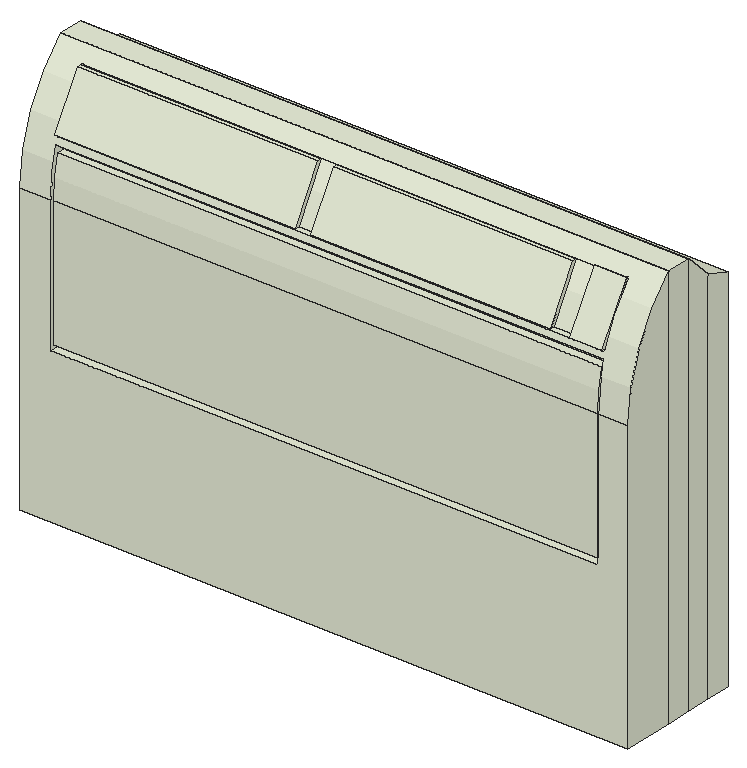
Revit family "AF-CF 36-45-56-71", category HLS-Bauteile, Revit 2017
Family settings
  Bemaßung runder Anschluss = Durchmesser verwenden
  Teiletyp = Normal
  OmniClass-Nummer = 23.75.00.00
  OmniClass-Titel = Climate Control (HVAC)
  Arbeitsebenenbasiert = Nein
  Immer vertikal = Ja
  Beim Laden mit Abzugskörper schneiden = Nein
  Gemeinsam genutzt = Nein
  Raumberechnungspunkt = Nein
Parameters (values of type "AF-CF 36")
  Width = 990.000 mm
  URL = ""
  Series = "VRF"
  Power supply = "220-240V ~50/60Hz"
  Panel color = "S1004"
  Net Weight = 25.00 kg
  Modell = "AF-CF 36"
  Minimum Circuit Amps = 0.32 A
  Min cable selection (power wiring) = "3×1.0 mm2"
  Maximum Fuse Amps = 15 A
  Hersteller = "Bosch"
  Machine material = Galvanized Steel
  Liquid pipe = 6.350 mm
  Installation = "Indoor installation"
  Height = 203.000 mm
  Heating Power Input = 23 W
  Heating Capacity = 4 kW
  Gas pipe = 12.700 mm
  Gas = "R410A"
  Drain pipe = 25.000 mm
  Beschreibung = "High efficiency air cooled"
  Depth = 660.000 mm
  Cooling Power Input = 23 W
  Cooling Capacity = 3.6 kW
  Condensation = "Air"
  Air Flow max = 550.00 m³/h
Types (4, lengths in mm): name | Power supply | Net Weight | Modell | Minimum Circuit Amps | Heating Power Input | Heating Capacity | Cooling Power Input | Cooling Capacity | Air Flow max
  AF-CF 71 | "220-240V ~60Hz" | 27.00 kg | "AF-CF 71" | 0.89 A | 94 W | 8 kW | 94 W | 7.1 kW | 930.00 m³/h
  AF-CF 56 | "220-240V ~60Hz" | 27.00 kg | "AF-CF 56" | 0.89 A | 94 W | 6.3 kW | 94 W | 5.6 kW | 930.00 m³/h
  AF-CF 45 | "220-240V ~60Hz" | 27.00 kg | "AF-CF 45" | 0.89 A | 94 W | 5 kW | 94 W | 4.5 kW | 750.00 m³/h
  AF-CF 36 | "220-240V ~50/60Hz" | 25.00 kg | "AF-CF 36" | 0.32 A | 23 W | 4 kW | 23 W | 3.6 kW | 550.00 m³/h
Reference planes
  plane 1 "中心(前/后)": y = 0
  plane 2: z = 0
  plane 3 "中心(左/右)": x = 0
  plane 4: z = 575.645
  plane 5: z = 280
  plane 6: x = -495
Forms (mm)
  Extrusion 1, solid, material "Galvanized Steel" <- "Machine material", detail levels medium+fine
    sketch origin (0, 0, 0) x (0, 1, 0) y (0, 0, 1)
      loop
        line (-80, 690) -> (-120, 690) -> (-120, 30) -> (-80, 30) -> (-80, 690)
    from 495 to -495
  Extrusion 2, solid, material "Galvanized Steel" <- "Machine material", detail levels medium+fine
    sketch origin (0, 0, 0) x (0, 1, 0) y (0, 0, 1)
      loop
        line (-80, 690) -> (-80, 30) -> (-40, 30) -> (-40, 650) -> (-80, 690)
    from 495 to -495
  Extrusion 3, solid, material "Galvanized Steel" <- "Machine material", detail levels medium+fine
    sketch origin (0, 0, 0) x (0, 1, 0) y (0, 0, 1)
      loop
        line (0, 626.906) -> (0, 635.441) -> (-40, 650) -> (-40, 30) -> (0, 30) -> (0, 626.906)
    from 495 to -495
  Extrusion 4, solid, material "Galvanized Steel" <- "Machine material", detail levels medium+fine
    sketch origin (0, 0, 0) x (0, 1, 0) y (0, 0, 1)
      loop
        line (-120, 30) -> (-120, 690)
        arc (-120, 690) -> (-181.345, 603.669) -> (-203, 500) r 258.97
        line (-203, 500) -> (-203, 30) -> (-120, 30)
    from 495 to -495
  Extrusion 5, void
    sketch origin (0, 0, 0) x (0, 1, 0) y (0, 0, 1)
      loop
        line (-188.653, 585) -> (-178.041, 585)
        arc (-178.041, 585) -> (-156.282, 630.135) -> (-125.926, 670) r 248.97
        line (-125.926, 670) -> (-139.39, 670)
        arc (-139.39, 670) -> (-168.089, 629.857) -> (-188.653, 585) r 258.97
    from 446.258 to -445
  Extrusion 6, solid, material "Galvanized Steel" <- "Machine material", detail levels fine
    sketch origin (0, 0, 0) x (0, 1, 0) y (0, 0, 1)
      loop
        line (-148.104, 670) -> (-193.89, 591) -> (-188.048, 591) -> (-142.262, 670) -> (-148.104, 670)
    from 361.496 to -28.055
  Extrusion 7, void
    sketch origin (0, 0, 0) x (1, 0, 0) y (0, 1, 0)
      loop
        line (-460.5, -30) -> (-460.5, -130) -> (-360.5, -130) -> (-360.5, -30) -> (-460.5, -30)
    from 45 to 30
  Extrusion 8, void
    sketch origin (0, 0, 0) x (0, 1, 0) y (0, 0, 1)
      loop
        line (-15, 45) -> (-15, 415.429) -> (-188, 415.429) -> (-188, 45) -> (-15, 45)
    from 477.847 to -480
  Extrusion 9, solid, detail levels medium+fine
    sketch origin (0, 0, 0) x (1, 0, 0) y (0, 1, 0)
      loop
        circle (-455, -63.5) r 3.175
    from 415.429 to 128
  Extrusion 10, solid, detail levels medium+fine
    sketch origin (0, 0, 0) x (1, 0, 0) y (0, 1, 0)
      loop
        circle (-440.5, -96.5) r 6.35
    from 415.429 to 163.5
  Extrusion 11, void
    sketch origin (0, 0, 55) x (1, 0, 0) y (0, 0, 1)
      loop
        line (-360.5, 115) -> (-460.5, 115) -> (-460.5, 15) -> (-360.5, 15) -> (-360.5, 115)
    from 15 to 0
  Extrusion 12, solid, detail levels medium+fine
    sketch origin (0, 0, 0) x (1, 0, 0) y (0, 1, 0)
      loop
        circle (-393.436, -63.5) r 12.5
    from 415.429 to 163.5
  Extrusion 13, void
    sketch origin (0, 0, 0) x (0, 1, 0) y (0, 0, 1)
      loop
        arc (-191.706, 575.645) -> (-200.161, 538.242) -> (-203, 500) r 258.97
        line (-203, 500) -> (-203, 280) -> (-188, 280) -> (-188, 415.429) -> (-179.603, 575.645) -> (-191.706, 575.645)
    from 446.258 to -445
  Extrusion 14, solid, material "Galvanized Steel" <- "Machine material", detail levels medium+fine
    sketch origin (0, 0, 0) x (0, 1, 0) y (0, 0, 1)
      loop
        line (-188, 415.429) -> (-180.127, 565.659) -> (-194.538, 565.659)
        arc (-194.538, 565.659) -> (-200.876, 533.101) -> (-203, 500) r 258.97
        line (-203, 500) -> (-203, 290) -> (-188, 290) -> (-188, 415.429)
    from 446.258 to -440
  Extrusion 15, solid, material "Galvanized Steel" <- "Machine material", detail levels fine
    sketch origin (-305.688, 0, 0) x (0, 1, 0) y (0, 0, 1)
      loop
        line (-139.39, 670) -> (-188.653, 585) -> (-183.347, 585) -> (-134.084, 670) -> (-139.39, 670)
    from 747.269 to 695.02
  Extrusion 16, solid, material "Galvanized Steel" <- "Machine material", detail levels fine
    sketch origin (-26.887, 0, 0) x (0, 1, 0) y (0, 0, -1)
      loop
        line (-148.104, -670) -> (-142.262, -670) -> (-188.048, -591) -> (-193.89, -591) -> (-148.104, -670)
    from 418.113 to 26.217
Cuts and joins
  Extrusion 5, Extrusion 7, Extrusion 8, Extrusion 11, Extrusion 13 cuts Extrusion 4
  Extrusion 7, Extrusion 8 cuts Extrusion 1
  Extrusion 7, Extrusion 8 cuts Extrusion 2
  Extrusion 7, Extrusion 8, Extrusion 11 cuts Extrusion 3
  Extrusion 11 cuts Extrusion 9
Lines and regions (mm)
  model lines, detail levels fine
    curve 1: line (-495, -163, 70) -> (-495, -163, 270)
    curve 15: line (-495, -163, 270) -> (-495, -203, 270)
    curve 16: line (-495, -163, 260) -> (-495, -203, 260)
    curve 17: line (-495, -163, 250) -> (-495, -203, 250)
    curve 18: line (-495, -163, 240) -> (-495, -203, 240)
    curve 19: line (-495, -163, 230.215) -> (-495, -203, 230.215)
    curve 20: line (-495, -163, 220) -> (-495, -203, 220)
    curve 21: line (-495, -163, 210) -> (-495, -203, 210)
    curve 22: line (-495, -163, 200) -> (-495, -203, 200)
    curve 23: line (-495, -163, 190) -> (-495, -203, 190)
    curve 24: line (-495, -163, 180) -> (-495, -203, 180)
    curve 25: line (-495, -163, 170) -> (-495, -203, 170)
    curve 26: line (-495, -163, 160) -> (-495, -203, 160)
    curve 27: line (-495, -163, 150) -> (-495, -203, 150)
    curve 28: line (-495, -163, 140) -> (-495, -203, 140)
    curve 29: line (-495, -163, 130) -> (-495, -203, 130)
    curve 30: line (-495, -163, 120) -> (-495, -203, 120)
    curve 31: line (-495, -163, 110) -> (-495, -203, 110)
    curve 32: line (-495, -163, 100) -> (-495, -203, 100)
    curve 33: line (-495, -163, 90) -> (-495, -203, 90)
    curve 34: line (-495, -163, 80) -> (-495, -203, 80)
    curve 35: line (-495, -163, 70) -> (-495, -203, 70)
    curve 36: line (-495, -163, 220) -> (-495, -203, 220)
    curve 37: line (-495, -163, 210) -> (-495, -203, 210)
    curve 38: line (-495, -163, 200) -> (-495, -203, 200)
    curve 39: line (-495, -203, 270) -> (495, -203, 270)
    curve 40: line (495, -203, 70) -> (-495, -203, 70)
    curve 41: line (-495, -203, 260) -> (495, -203, 260)
    curve 42: line (-495, -203, 250) -> (495, -203, 250)
    curve 43: line (-495, -203, 240) -> (495, -203, 240)
    curve 44: line (-495, -203, 230) -> (495, -203, 230)
    curve 45: line (-495, -203, 220) -> (495, -203, 220)
    curve 46: line (-495, -203, 210) -> (495, -203, 210)
    curve 47: line (-495, -203, 201.34) -> (495, -203, 201.34)
    curve 48: line (-495, -203, 191.34) -> (495, -203, 191.34)
    curve 49: line (-495, -203, 181.34) -> (495, -203, 181.34)
    curve 50: line (-495, -203, 171.34) -> (495, -203, 171.34)
    curve 51: line (-495, -203, 161.34) -> (495, -203, 161.34)
    curve 52: line (-495, -203, 151.34) -> (495, -203, 151.34)
    curve 53: line (-495, -203, 141.34) -> (495, -203, 141.34)
    curve 54: line (-495, -203, 131.34) -> (495, -203, 131.34)
    curve 55: line (-495, -203, 121.34) -> (495, -203, 121.34)
    curve 56: line (-495, -203, 111.34) -> (495, -203, 111.34)
    curve 57: line (-495, -203, 101.34) -> (495, -203, 101.34)
    curve 58: line (-495, -203, 91.34) -> (495, -203, 91.34)
    curve 59: line (-495, -203, 81.34) -> (495, -203, 81.34)
    curve 60: line (401.581, -174.728, 609.027) -> (401.581, -181.032, 598.15)
    curve 61: line (426.581, -174.728, 609.027) -> (401.581, -174.728, 609.027)
    curve 62: line (401.581, -181.032, 598.15) -> (426.581, -181.032, 598.15)
    curve 63: arc (426.581, -174.728, 609.027) -> (432.867, -177.88, 603.589) -> (426.581, -181.032, 598.15) r 6.286
    curve 71: line (495, -163, 70) -> (495, -163, 270)
    curve 72: line (495, -163, 270) -> (495, -203, 270)
    curve 73: line (495, -163, 260) -> (495, -203, 260)
    curve 74: line (495, -163, 250) -> (495, -203, 250)
    curve 75: line (495, -163, 240) -> (495, -203, 240)
    curve 76: line (495, -163, 230.215) -> (495, -203, 230.215)
    curve 77: line (495, -163, 190) -> (495, -203, 190)
    curve 78: line (495, -163, 180) -> (495, -203, 180)
    curve 79: line (495, -163, 170) -> (495, -203, 170)
    curve 80: line (495, -163, 160) -> (495, -203, 160)
    curve 81: line (495, -163, 150) -> (495, -203, 150)
    curve 82: line (495, -163, 140) -> (495, -203, 140)
    curve 83: line (495, -163, 130) -> (495, -203, 130)
    curve 84: line (495, -163, 120) -> (495, -203, 120)
    curve 85: line (495, -163, 110) -> (495, -203, 110)
    curve 86: line (495, -163, 100) -> (495, -203, 100)
    curve 87: line (495, -163, 90) -> (495, -203, 90)
    curve 88: line (495, -163, 80) -> (495, -203, 80)
    curve 89: line (495, -163, 70) -> (495, -203, 70)
    curve 90: line (495, -163, 220) -> (495, -203, 220)
    curve 91: line (495, -163, 210) -> (495, -203, 210)
    curve 92: line (495, -163, 200) -> (495, -203, 200)
    curve 93: circle (427.5, -144.575, 661.053) r 4 normal (0, 0.8652, -0.5014)
    curve 94: circle (427.5, -150.363, 651.067) r 4 normal (0, 0.8652, -0.5014)
    curve 95: circle (427.5, -156.491, 640.493) r 4 normal (0, 0.8652, -0.5014)
    curve 96: circle (427.5, -162.96, 629.332) r 4 normal (0, 0.8652, -0.5014)
    curve 97: circle (427.5, -168.604, 619.594) r 4 normal (0, 0.8652, -0.5014)
  model lines
    curve 2: line (-495, 0, 635.441) -> (-495, -40, 650)
    curve 3: line (-495, -40, 650) -> (-495, -80, 690)
    curve 5: line (-495, 0, 635.441) -> (-495, 0, 30)
    curve 6: line (-495, -203, 30) -> (-495, -203, 500)
    curve 7: arc (-495, -203, 500) -> (-495, -181.345, 603.669) -> (-495, -120, 690) r 258.97
    curve 8: line (-495, -120, 690) -> (495, -120, 690)
    curve 9: line (-495, -80, 690) -> (495, -80, 690)
    curve 10: line (-495, -40, 650) -> (495, -40, 650)
    curve 11: line (-495, -203, 30) -> (-495, 0, 30)
    curve 12: line (-495, -203, 30) -> (495, -203, 30)
    curve 13: line (495, 0, 30) -> (-495, 0, 30)
    curve 14: line (-495, -203, 30) -> (-495, 0, 30)
    curve 64: line (495, -203, 30) -> (495, -203, 500)
    curve 65: arc (495, -203, 500) -> (495, -181.345, 603.669) -> (495, -120, 690) r 258.97
    curve 66: line (495, 0, 635.441) -> (495, 0, 30)
    curve 67: line (495, 0, 635.441) -> (495, -40, 650)
    curve 68: line (495, -40, 650) -> (495, -80, 690)
    curve 70: line (495, -203, 30) -> (495, 0, 30)
    curve 98: line (495, 0, 626.906) -> (-495, 0, 626.906)
  model lines, detail levels coarse
    curve 4: line (-495, -80, 690) -> (-495, -120, 690)
    curve 69: line (495, -80, 690) -> (495, -120, 690)
Dimensions and locks
  cut or joined group of Extrusion 2, Extrusion 7, Extrusion 8 to Extrusion 12 = 133.500 mm
  cut or joined group of Extrusion 1, Extrusion 7, Extrusion 8 to cut or joined group of Extrusion 9, Extrusion 11 = 98.000 mm
  "Depth": cut or joined group of Extrusion 4, Extrusion 5, Extrusion 7, Extrusion 8, Extrusion 11, Extrusion 13 to cut or joined group of Extrusion 1, Extrusion 7, Extrusion 8
  "Height": cut or joined group of Extrusion 4, Extrusion 5, Extrusion 7, Extrusion 8, Extrusion 11, Extrusion 13 to cut or joined group of Extrusion 3, Extrusion 7, Extrusion 8, Extrusion 11
  "Width": cut or joined group of Extrusion 4, Extrusion 5, Extrusion 7, Extrusion 8, Extrusion 11, Extrusion 13 to cut or joined group of Extrusion 4, Extrusion 5, Extrusion 7, Extrusion 8, Extrusion 11, Extrusion 13
  "Gas pipe": diameter of Extrusion 10 sketch curve
  "Drain pipe": diameter of Extrusion 12 sketch curve
  "Liquid pipe": diameter of Extrusion 9 sketch curve
  aligned and locked: level to plane 2
Automatic sketch dimensions
  plane 1 "中心(前/后)" to Extrusion 1 sketch curve = 120.000 mm
  level to Extrusion 1 sketch curve = 30.000 mm
  Extrusion 1 sketch curve to Extrusion 1 sketch curve = 40.000 mm
  Extrusion 1 sketch curve to Extrusion 1 sketch curve = 660.000 mm
  plane 1 "中心(前/后)" to Extrusion 2 sketch curve = 80.000 mm
  level to Extrusion 2 sketch curve = 30.000 mm
  Extrusion 2 sketch curve to Extrusion 2 sketch curve = 40.000 mm  (x2)
  Extrusion 2 sketch curve to Extrusion 2 sketch curve = 620.000 mm
  Extrusion 3 sketch curve to plane 1 "中心(前/后)" = 0.000 mm
  level to Extrusion 3 sketch curve = 30.000 mm
  plane 1 "中心(前/后)" to Extrusion 3 sketch curve = 40.000 mm
  Extrusion 3 sketch curve to Extrusion 3 sketch curve = 596.906 mm
  Extrusion 3 sketch curve to Extrusion 3 sketch curve = 8.535 mm
  Extrusion 3 sketch curve to Extrusion 3 sketch curve = 14.559 mm
  plane 1 "中心(前/后)" to Extrusion 4 sketch curve = 203.000 mm
  level to Extrusion 4 sketch curve = 30.000 mm
  Extrusion 4 sketch curve to Extrusion 4 sketch curve = 83.000 mm
  Extrusion 4 sketch curve to plane 1 "中心(前/后)" = 55.970 mm
  Extrusion 4 sketch curve to Extrusion 4 sketch curve = 470.000 mm
  Extrusion 5 sketch curve to Extrusion 5 sketch curve = 0.000 mm  (x2)
  plane 1 "中心(前/后)" to Extrusion 5 sketch curve = 188.653 mm
  level to Extrusion 5 sketch curve = 585.000 mm
  Extrusion 5 sketch curve to Extrusion 5 sketch curve = 10.612 mm
  Extrusion 5 sketch curve to Extrusion 5 sketch curve = 38.651 mm
  Extrusion 5 sketch curve to Extrusion 5 sketch curve = 13.464 mm
  Extrusion 5 sketch curve to Extrusion 5 sketch curve = 85.000 mm
  plane 1 "中心(前/后)" to Extrusion 6 sketch curve = 193.890 mm
  level to Extrusion 6 sketch curve = 591.000 mm
  Extrusion 6 sketch curve to Extrusion 6 sketch curve = 5.843 mm  (x2)
  Extrusion 6 sketch curve to Extrusion 6 sketch curve = 39.943 mm
  Extrusion 6 sketch curve to Extrusion 6 sketch curve = 79.000 mm
  Extrusion 4 to curve 1 = 40.000 mm  (x2)
  curve 1 to curve 1 = 200.000 mm
  plane 6 to Extrusion 7 sketch curve = 34.500 mm
  plane 1 "中心(前/后)" to Extrusion 7 sketch curve = 130.000 mm
  Extrusion 7 sketch curve to Extrusion 7 sketch curve = 100.000 mm
  plane 1 "中心(前/后)" to Extrusion 7 sketch curve = 30.000 mm
  level to Extrusion 8 sketch curve = 45.000 mm
  plane 1 "中心(前/后)" to Extrusion 8 sketch curve = 188.000 mm
  plane 1 "中心(前/后)" to Extrusion 8 sketch curve = 15.000 mm
  level to Extrusion 8 sketch curve = 415.429 mm
  plane 6 to Extrusion 11 sketch curve = 34.500 mm
  level to Extrusion 11 sketch curve = 70.000 mm
  Extrusion 11 sketch curve to Extrusion 11 sketch curve = 100.000 mm  (x2)
  Extrusion 13 sketch curve to plane 5 = 0.000 mm
  Extrusion 13 sketch curve to plane 4 = 0.000 mm
  plane 1 "中心(前/后)" to Extrusion 13 sketch curve = 203.000 mm
  plane 5 to Extrusion 13 sketch curve = 135.429 mm
  Extrusion 13 sketch curve to Extrusion 13 sketch curve = 11.294 mm
  Extrusion 13 sketch curve to Extrusion 13 sketch curve = 15.000 mm
  Extrusion 13 sketch curve to Extrusion 13 sketch curve = 12.102 mm
  Extrusion 13 sketch curve to plane 1 "中心(前/后)" = 55.970 mm
  plane 1 "中心(前/后)" to Extrusion 14 sketch curve = 203.000 mm
  level to Extrusion 14 sketch curve = 290.000 mm
  Extrusion 14 sketch curve to Extrusion 14 sketch curve = 8.462 mm
  Extrusion 14 sketch curve to Extrusion 14 sketch curve = 15.000 mm
  Extrusion 14 sketch curve to Extrusion 14 sketch curve = 14.411 mm
  Extrusion 14 sketch curve to plane 1 "中心(前/后)" = 55.970 mm
  Extrusion 14 sketch curve to Extrusion 14 sketch curve = 125.429 mm
  Extrusion 14 sketch curve to Extrusion 14 sketch curve = 84.571 mm
  curve 2 to plane 1 "中心(前/后)" = 0.000 mm
  plane 1 "中心(前/后)" to curve 6 = 203.000 mm
  level to curve 6 = 500.000 mm
  plane 1 "中心(前/后)" to curve 2 = 40.000 mm
  curve 7 to curve 2 = 135.441 mm
  curve 2 to curve 3 = 14.559 mm
  curve 2 to curve 4 = 40.000 mm  (x2)
  level to curve 6 = 30.000 mm
  level to curve 5 = 30.000 mm
  curve 3 to curve 4 = 40.000 mm
  curve 8 to plane 6 = 0.000 mm
  level to curve 8 = 690.000 mm
  plane 3 "中心(左/右)" to curve 8 = 495.000 mm
  curve 9 to plane 6 = 0.000 mm
  level to curve 9 = 690.000 mm
  plane 3 "中心(左/右)" to curve 9 = 495.000 mm
  curve 10 to plane 6 = 0.000 mm
  level to curve 10 = 650.000 mm
  plane 3 "中心(左/右)" to curve 10 = 495.000 mm
  curve 11 to plane 1 "中心(前/后)" = 0.000 mm
  level to curve 11 = 30.000 mm
  curve 11 to curve 11 = 203.000 mm
  level to curve 35 = 70.000 mm
  curve 35 to curve 34 = 10.000 mm
  curve 34 to curve 33 = 10.000 mm
  curve 33 to curve 32 = 10.000 mm
  curve 32 to curve 31 = 10.000 mm
  curve 31 to curve 30 = 10.000 mm
  curve 30 to curve 29 = 10.000 mm
  curve 29 to curve 28 = 10.000 mm
  curve 28 to curve 27 = 10.000 mm
  curve 27 to curve 26 = 10.000 mm
  curve 26 to curve 25 = 10.000 mm
  curve 25 to curve 24 = 10.000 mm
  curve 24 to curve 23 = 10.000 mm
  curve 23 to curve 38 = 10.000 mm
  curve 22 to curve 38 = 0.000 mm  (x2)
  curve 22 to curve 21 = 10.000 mm
  curve 37 to curve 21 = 0.000 mm  (x2)
  curve 21 to curve 36 = 10.000 mm
  curve 20 to curve 36 = 0.000 mm  (x2)
  curve 20 to curve 19 = 10.215 mm
  curve 19 to curve 18 = 9.785 mm
  curve 18 to curve 17 = 10.000 mm
  curve 17 to curve 16 = 10.000 mm
  curve 16 to curve 15 = 10.000 mm
  plane 1 "中心(前/后)" to curve 15 = 163.000 mm
  curve 38 to curve 15 = 0.000 mm
  curve 16 to curve 15 = 0.000 mm
  curve 37 to curve 38 = 0.000 mm
  curve 17 to curve 16 = 0.000 mm
  curve 36 to curve 37 = 0.000 mm
  curve 18 to curve 17 = 0.000 mm
  curve 35 to curve 38 = 0.000 mm
  curve 19 to curve 18 = 0.000 mm
  curve 34 to curve 35 = 0.000 mm
  curve 33 to curve 34 = 0.000 mm
  curve 21 to curve 37 = 0.000 mm
  curve 32 to curve 33 = 0.000 mm
  curve 31 to curve 32 = 0.000 mm
  curve 23 to curve 22 = 0.000 mm
  curve 30 to curve 31 = 0.000 mm
  curve 24 to curve 23 = 0.000 mm
  curve 29 to curve 30 = 0.000 mm
  curve 25 to curve 24 = 0.000 mm
  curve 28 to curve 29 = 0.000 mm
  curve 26 to curve 25 = 0.000 mm
  curve 27 to curve 28 = 0.000 mm
  curve 26 to curve 26 = 40.000 mm
  curve 27 to curve 26 = 0.000 mm
  curve 25 to curve 26 = 0.000 mm
  curve 28 to curve 27 = 0.000 mm
  curve 24 to curve 25 = 0.000 mm
  curve 29 to curve 28 = 0.000 mm
  curve 23 to curve 24 = 0.000 mm
  curve 30 to curve 29 = 0.000 mm
  curve 22 to curve 23 = 0.000 mm
  curve 31 to curve 30 = 0.000 mm
  curve 21 to curve 22 = 0.000 mm
  curve 32 to curve 31 = 0.000 mm
  curve 20 to curve 21 = 0.000 mm
  curve 33 to curve 32 = 0.000 mm
  curve 19 to curve 20 = 0.000 mm
  curve 34 to curve 33 = 0.000 mm
  curve 18 to curve 19 = 0.000 mm
  curve 35 to curve 34 = 0.000 mm
  curve 17 to curve 18 = 0.000 mm
  curve 36 to curve 20 = 0.000 mm
  curve 16 to curve 17 = 0.000 mm
  curve 15 to curve 16 = 0.000 mm
  curve 38 to curve 22 = 0.000 mm
  plane 6 to curve 40 = 0.000 mm
  plane 6 to curve 59 = 0.000 mm
  plane 6 to curve 58 = 0.000 mm
  plane 6 to curve 57 = 0.000 mm
  plane 6 to curve 56 = 0.000 mm
  plane 6 to curve 55 = 0.000 mm
  plane 6 to curve 54 = 0.000 mm
  plane 6 to curve 53 = 0.000 mm
  plane 6 to curve 52 = 0.000 mm
  plane 6 to curve 51 = 0.000 mm
  plane 6 to curve 50 = 0.000 mm
  plane 6 to curve 49 = 0.000 mm
  plane 6 to curve 48 = 0.000 mm
  plane 6 to curve 47 = 0.000 mm
  plane 6 to curve 46 = 0.000 mm
  plane 6 to curve 45 = 0.000 mm
  plane 6 to curve 44 = 0.000 mm
  plane 6 to curve 43 = 0.000 mm
  plane 6 to curve 42 = 0.000 mm
  plane 6 to curve 41 = 0.000 mm
  plane 6 to curve 39 = 0.000 mm
  level to curve 40 = 70.000 mm
  curve 40 to curve 59 = 11.340 mm
  curve 59 to curve 58 = 10.000 mm
  curve 58 to curve 57 = 10.000 mm
  curve 57 to curve 56 = 10.000 mm
  curve 56 to curve 55 = 10.000 mm
  curve 55 to curve 54 = 10.000 mm
  curve 54 to curve 53 = 10.000 mm
  curve 53 to curve 52 = 10.000 mm
  curve 52 to curve 51 = 10.000 mm
  curve 51 to curve 50 = 10.000 mm
  curve 50 to curve 49 = 10.000 mm
  curve 49 to curve 48 = 10.000 mm
  curve 48 to curve 47 = 10.000 mm
  curve 47 to curve 46 = 8.660 mm
  curve 46 to curve 45 = 10.000 mm
  curve 45 to curve 44 = 10.000 mm
  curve 44 to curve 43 = 10.000 mm
  curve 43 to curve 42 = 10.000 mm
  curve 42 to curve 41 = 10.000 mm
  curve 41 to curve 39 = 10.000 mm
  plane 3 "中心(左/右)" to curve 49 = 495.000 mm
  curve 49 to curve 47 = 0.000 mm
  curve 50 to curve 49 = 0.000 mm
  curve 47 to curve 46 = 0.000 mm
  curve 51 to curve 50 = 0.000 mm
  curve 46 to curve 45 = 0.000 mm
  curve 52 to curve 51 = 0.000 mm
  curve 45 to curve 44 = 0.000 mm
  curve 53 to curve 52 = 0.000 mm
  curve 44 to curve 43 = 0.000 mm
  curve 54 to curve 53 = 0.000 mm
  curve 43 to curve 42 = 0.000 mm
  curve 55 to curve 54 = 0.000 mm
  curve 42 to curve 41 = 0.000 mm
  curve 56 to curve 55 = 0.000 mm
  curve 40 to curve 56 = 0.000 mm
  curve 57 to curve 56 = 0.000 mm
  curve 41 to curve 39 = 0.000 mm
  curve 58 to curve 57 = 0.000 mm
  curve 48 to curve 47 = 0.000 mm
  curve 59 to curve 58 = 0.000 mm
  plane 1 "中心(前/后)" to Extrusion 15 sketch curve = 188.653 mm
  level to Extrusion 15 sketch curve = 585.000 mm
  Extrusion 15 sketch curve to Extrusion 15 sketch curve = 5.306 mm  (x2)
  Extrusion 15 sketch curve to Extrusion 15 sketch curve = 43.957 mm
  Extrusion 15 sketch curve to Extrusion 15 sketch curve = 85.000 mm
  curve 66 to plane 1 "中心(前/后)" = 0.000 mm
  plane 1 "中心(前/后)" to curve 69 = 120.000 mm
  level to curve 69 = 690.000 mm
  level to curve 89 = 70.000 mm
  plane 1 "中心(前/后)" to curve 89 = 163.000 mm
  plane 1 "中心(前/后)" to curve 64 = 203.000 mm
  curve 69 to curve 68 = 40.000 mm
  plane 1 "中心(前/后)" to curve 67 = 40.000 mm
  curve 65 to plane 1 "中心(前/后)" = 55.970 mm
  curve 68 to curve 68 = 40.000 mm
  curve 67 to curve 66 = 14.559 mm
  curve 71 to curve 71 = 200.000 mm
  curve 72 to curve 73 = 10.000 mm
  curve 73 to curve 74 = 10.000 mm
  curve 74 to curve 75 = 10.000 mm
  curve 75 to curve 76 = 9.785 mm
  curve 76 to curve 90 = 10.215 mm
  curve 90 to curve 91 = 10.000 mm
  curve 91 to curve 92 = 10.000 mm
  curve 92 to curve 77 = 10.000 mm
  curve 77 to curve 78 = 10.000 mm
  curve 78 to curve 79 = 10.000 mm
  curve 79 to curve 80 = 10.000 mm
  curve 80 to curve 81 = 10.000 mm
  curve 81 to curve 82 = 10.000 mm
  curve 82 to curve 83 = 10.000 mm
  curve 83 to curve 84 = 10.000 mm
  curve 84 to curve 85 = 10.000 mm
  curve 85 to curve 86 = 10.000 mm
  curve 86 to curve 87 = 10.000 mm
  curve 88 to curve 89 = 10.000 mm
  level to curve 64 = 30.000 mm
  level to curve 66 = 30.000 mm
  plane 1 "中心(前/后)" to Extrusion 16 sketch curve = 193.890 mm
  plane 1 "中心(前/后)" to Extrusion 16 sketch curve = 148.104 mm
  level to Extrusion 16 sketch curve = 670.000 mm
  Extrusion 16 sketch curve to Extrusion 16 sketch curve = 5.843 mm  (x2)
  Extrusion 16 sketch curve to Extrusion 16 sketch curve = 79.000 mm
  plane 3 "中心(左/右)" to curve 61 = 426.581 mm
  plane 3 "中心(左/右)" to curve 61 = 401.581 mm
  curve 60 to curve 62 = 12.571 mm
  curve 93 to curve 60 = 60.133 mm
  curve 93 to curve 94 = 11.542 mm
  curve 94 to curve 95 = 12.221 mm
  curve 95 to curve 96 = 12.900 mm
  curve 96 to curve 97 = 11.255 mm
  curve 95 to curve 97 = 0.000 mm
  curve 94 to curve 95 = 0.000 mm
  curve 93 to curve 94 = 0.000 mm
  curve 96 to curve 97 = 0.000 mm
  curve 60 to curve 95 = 25.919 mm
  plane 1 "中心(前/后)" to curve 13 = 0.000 mm
  curve 14 to plane 6 = 0.000 mm
  plane 1 "中心(前/后)" to curve 14 = 203.000 mm
  plane 3 "中心(左/右)" to curve 70 = 495.000 mm
  plane 1 "中心(前/后)" to curve 98 = 0.000 mm
  curve 98 to plane 6 = 0.000 mm
  plane 3 "中心(左/右)" to curve 98 = 495.000 mm
  plane 6 to Extrusion 9 sketch curve = 40.000 mm
  plane 1 "中心(前/后)" to Extrusion 9 sketch curve = 63.500 mm
  plane 6 to Extrusion 10 sketch curve = 54.500 mm
  plane 1 "中心(前/后)" to Extrusion 10 sketch curve = 96.500 mm
  plane 6 to Extrusion 12 sketch curve = 101.564 mm
  plane 1 "中心(前/后)" to Extrusion 12 sketch curve = 63.500 mm
  radius of curve 93 = 4.000 mm
  radius of curve 94 = 4.000 mm
  radius of curve 95 = 4.000 mm
  radius of curve 96 = 4.000 mm
  radius of curve 97 = 4.000 mm
Connectors
  piping at (-393.436, -63.5, 163.5), diameter 25, driven by "Drain pipe"
    settings: on Extrusion 12, index 5, connector inside diameter 25 mm, connector length 0.000 mm, flow factor 0, pipe flow 0.0 m³/h, pressure drop 0.0 Pa, fitting loss kfactor 0, connector angle 0.00°, fixture units 0, engagement length 0.000 mm, angle of deflection 0.00°, flow configuration 1, flow direction 2, fitting loss method 0, system type 29, joint type 0, gender type 0, connector reference index -1, connector utility 0, adjustable connector no, is connector primary yes, connector description "Drain pipe"
  piping at (-440.5, -96.5, 163.5), diameter 12.7, driven by "Gas pipe"
    settings: on Extrusion 10, index 6, connector inside diameter 15.9 mm, connector length 0.000 mm, flow factor 0, pipe flow 0.0 m³/h, pressure drop 0.0 Pa, fitting loss kfactor 0, connector angle 0.00°, fixture units 0, engagement length 0.000 mm, angle of deflection 0.00°, flow configuration 1, flow direction 0, fitting loss method 4, system type 22, joint type 0, gender type 0, connector reference index -1, connector utility 0, adjustable connector no, is connector primary no, connector description "Gas pipe"
  piping at (-455, -63.5, 128), diameter 6.35, driven by "Liquid pipe"
    settings: on cut or joined group of Extrusion 9, Extrusion 11, index 7, connector inside diameter 9.53 mm, connector length 0.000 mm, flow factor 0, pipe flow 0.0 m³/h, pressure drop 0.0 Pa, fitting loss kfactor 0, connector angle 0.00°, fixture units 0, engagement length 0.000 mm, angle of deflection 0.00°, flow configuration 1, flow direction 0, fitting loss method 4, system type 22, joint type 0, gender type 0, connector reference index -1, connector utility 0, adjustable connector no, is connector primary no, connector description "Liquid pipe"
